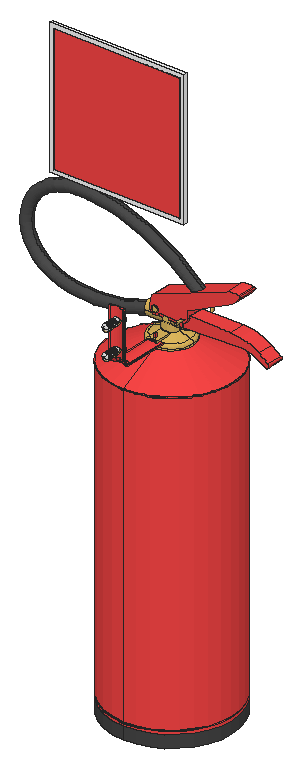
Revit family "Extintor Portátil - ABC", category Equipamento mecânico, Revit 2026
Family settings
  Cota do conector redondo = Utilizar diâmetro
  Classificação = Nenhum
  Tipo de parte = Normal
  Com base no plano de trabalho = Não
  Sempre na vertical = Sim
  Corte com vazios quando carregada = Não
  Manter orientação da anotação = Não
  Compartilhado = Sim
  Ponto de cálculo do ambiente = Não
Parameters (values of type "2A-20BC")
  Tipo de imagem = Extintor - ABC.png
  SÍMBOLO = yes
  Sinalização de Solo [instance] = no
  Sinalização de Emergência [instance] = yes
  Rede Social: = "@galvesbim"
  Pernambuco = no
  Na Planta Baixa [instance] = yes
  Mato Grosso = no
  IMAGEM SIMBOLO PERNAMBUCO = 0
  IMAGEM SIMBOLO MATO GROSSO = 0
  IMAGEM SIMBOLO DISTRITO FEDERAL = 0
  IMAGEM SIMBOLO DEMAIS ESTADOS = 0
  Família Criada por: = "Geraldo G Alves"
  Email p/ contato: = "galves@alvesg.com.br"
  Elevação padrão = 0.00 cm
  Distrito Federal = no
  Desloc. Frente (Sinalização) [instance] = 0.00 cm
  Desloc. Frente [instance] = 20.00 cm
  Desloc. Esquerda (Sinalização) [instance] = 0.00 cm
  Desloc. Esquerda [instance] = 0.00 cm
  Descrição = "Extintor Portátil Fixo na Parede - 3:A-40:BC"
  DESCRIÇÃO DO MATERIAL = Descrição  # "Extintor Portátil Fixo na Parede - 3:A-40:BC"
  Type Comments = ""
  Demais estados = yes
  Altura Instalada (Sinalização) = 180.00 cm
  Altura Instalada (Extintor) = 160.00 cm
Reference planes (cm)
  plane 1 "Centro (Frente/Trás)": y = 0
  plane 2: z = 0
  plane 3 "Centro (Esquerda/Direita)": x = 0
  plane 4: z = 160
  plane 5: z = 114.8285
  plane 6: z = 180
Forms (cm)
  Revolve 1, solid, material "LATÃO", not visible
    sketch origin (512.5, 9.4644, -108.8868) x (1, 0, 0) y (0, 0, -1)
      loop
        line (-515.352, -267.1402) -> (-515.352, -267.3086)
        arc (-515.352, -267.3086) -> (-515.2378, -267.604) -> (-514.9545, -267.7457) r 0.4391
        line (-514.9545, -267.7457) -> (-513.5976, -268.3784) -> (-513.5976, -270.9598) -> (-512.5, -270.9598) -> (-512.5, -267.1402) -> (-515.352, -267.1402)
      axis (-512.5, -270.9598) -> (-512.5, -267.1402)
    angle from 0 to 360
  Extrusion 2, solid, material "LATÃO", not visible
    sketch origin (0, -8.5356, -108.8868) x (0, 1, 0) y (0, 0, -1)
      loop
        circle (18, -269.8519) r 1
    from -2.2901 to 2.852
  Extrusion 3, solid, material "Pintura Vermelha", not visible
    sketch origin (512.5, 11.7385, -108.8868) x (1, 0, 0) y (0, 0, -1)
      loop
        line (-514.431, -270.7615) -> (-514.2399, -271.8201)
        arc (-514.2399, -271.8201) -> (-514.07, -272.1841) -> (-513.7426, -272.4168) r 0.7871
        line (-513.7426, -272.4168) -> (-504.0905, -276.0508)
        arc (-504.0905, -276.0508) -> (-503.3249, -276.2128) -> (-502.5558, -276.0688) r 2
        line (-502.5558, -276.0688) -> (-502.4623, -276.0312)
        arc (-502.4623, -276.0312) -> (-502.359, -275.9073) -> (-502.4054, -275.7529) r 0.1702
        line (-502.4054, -275.7529) -> (-502.8188, -275.3394)
        arc (-502.8188, -275.3394) -> (-503.3151, -274.918) -> (-503.8731, -274.5828) r 4
        line (-503.8731, -274.5828) -> (-509.346, -271.8744) -> (-509.346, -271.0161)
        arc (-509.346, -271.0161) -> (-509.5312, -270.5072) -> (-510.0002, -270.2364) r 0.7917
        line (-510.0002, -270.2364) -> (-510.5886, -270.1327) -> (-513.1244, -270.31)
        arc (-513.1244, -270.31) -> (-513.9703, -269.9786) -> (-514.431, -270.7615) r 0.7
      loop
        circle (-513.7416, -270.6402) r 0.3999
      loop
        circle (-510.1681, -270.511) r 0.174
    from -3.5171 to -1.0457
  Extrusion 4, solid, material "Pintura Vermelha", not visible
    sketch origin (512.5, 11.7385, -108.8868) x (1, 0, 0) y (0, 0, -1)
      loop
        line (-514.4685, -270.738) -> (-514.2111, -271.6263)
        arc (-514.2111, -271.6263) -> (-514.1084, -271.7833) -> (-513.931, -271.8441) r 0.289
        line (-513.931, -271.8441) -> (-509.9322, -271.8441)
        arc (-509.9322, -271.8441) -> (-509.5653, -271.7141) -> (-509.3622, -271.382) r 0.5825
        line (-509.3622, -271.382) -> (-509.3259, -271.2101) -> (-503.785, -271.2101)
        arc (-503.785, -271.2101) -> (-501.8304, -270.9093) -> (-500.0567, -270.0346) r 6.5
        line (-500.0567, -270.0346) -> (-498.8325, -269.1774)
        arc (-498.8325, -269.1774) -> (-498.7163, -268.9761) -> (-498.7958, -268.7576) r 0.275
        line (-498.7958, -268.7576) -> (-499.0612, -268.4922) -> (-500.8253, -269.5254)
        arc (-500.8253, -269.5254) -> (-501.7717, -269.8338) -> (-502.7644, -269.9058) r 4.1122
        line (-502.7644, -269.9058) -> (-510.4608, -269.5288) -> (-510.7626, -269.8306) -> (-513.8876, -269.8306)
        arc (-513.8876, -269.8306) -> (-514.3665, -270.1636) -> (-514.4685, -270.738) r 0.7603
      loop
        circle (-513.7416, -270.6402) r 0.3999
      loop
        circle (-510.1792, -270.5042) r 0.2205
    from -3.3101 to -1.2023
  Extrusion 5, solid, material "LATÃO", not visible, detail levels medium+fine
    sketch origin (512.5, 13.2385, -108.2618) x (1, 0, 0) y (0, 0, -1)
      loop
        circle (-512.5, -269.2509) r 1.5
    from -1.2576 to -0.9824
  Sweep 6, solid, material "MANGUEIRA EXTINTOR", not visible
    path origin (512.5, 9.4099, -108.8868) x (1, 0, 0) y (0, 0, -1)
      loop
        spline (-514.8263, -269.8635) -> (-519.9522, -268.4972) -> (-524.5272, -268.3983) -> (-528.2055, -269.3959) -> (-530.6532, -271.3101) -> (-531.7331, -273.8106) -> (-531.4716, -276.4419) -> (-529.9001, -278.7449) -> (-527.05, -280.2603) -> (-523.041, -280.6093) -> (-518.283, -279.6772) -> (-513.2454, -277.403) -> (-508.3975, -273.7263)
    profile origin (-18.9716, 9.4099, 167.5551) x (0.940178, 0, -0.340682) y (0, 1, 0)
      loop
        circle (0, 0) r 0.7064
  Extrusion 7, solid, material "LATÃO", not visible
    sketch origin (512.5, 11.7385, -1.7466) x (1, 0, 0) y (0, 0, -1)
      loop
        circle (-513.7416, -163.5) r 0.3999
    from -3.5547 to -1.0118
  Sweep 8, solid, material "LATÃO", not visible
    path origin (-10.6073, 13.9644, 176.5919) x (-0.653611, 0, 0.756831) y (0, 1, 0)
      loop
        line (-19.7675, -6.7287) -> (-19.7675, -3.2287)
        arc (-19.7675, -3.2287) -> (-19.8376, -3.0235) -> (-20.0186, -2.9042) r 0.3352
        arc (-20.0186, -2.9042) -> (-19.7105, -0.9379) -> (-19.6283, -2.9265) r 1
    profile origin (2.3129, 8.9857, 161.6312) x (0.653611, 0, -0.756831) y (-0.756831, 0, -0.653611)
      loop
        circle (0, 0) r 0.1386
  Extrusion 9, solid, material "LATÃO", not visible
    sketch origin (0, 3.4644, -0.5084) x (0, 1, 0) y (0, 0, 1)
      loop
        line (4.8999, 160) -> (2.7614, 160)
        arc (2.7614, 160) -> (2.6976, 159.9769) -> (2.6634, 159.9183) r 0.0996
        line (2.6634, 159.9183) -> (2.6634, 159.8172)
        arc (2.6634, 159.8172) -> (2.6946, 159.7514) -> (2.7624, 159.7247) r 0.0992
        line (2.7624, 159.7247) -> (4.3095, 159.7247) -> (4.8999, 160)
    from -0.6244 to 0.6912
  Extrusion 10, void, not visible
    sketch origin (0, 0.2973, -1.1737) x (1, 0, 0) y (0, 1, 0)
      loop
        circle (-0.0064, 6.4293) r 0.2336
    from 160.2 to 160.7791
  Revolve 11, solid, material "Pintura Vermelha"
    sketch origin (0, 0, 0) x (0, 1, 0) y (0, 0, 1)
      loop
        line (9.1671, 159.4271) -> (9.1671, 116.4981) -> (17.1671, 116.4981) -> (17.1671, 116.8285) -> (16.9679, 116.8285) -> (16.9679, 117.0285) -> (17.1671, 117.0285) -> (17.1671, 156.6535)
        arc (17.1671, 156.6535) -> (17.2243, 156.6689) -> (17.2659, 156.711) r 0.1136
        arc (17.2659, 156.711) -> (17.2691, 156.7524) -> (17.2392, 156.7812) r 0.0487
        line (17.2392, 156.7812) -> (12.0191, 159.4271) -> (9.1671, 159.4271)
      axis (9.1671, 159.4271) -> (9.1671, 116.4981)
    angle from 0 to 360
  Revolve 12, solid, material "Cor Preta"
    sketch origin (0, 0, 0) x (0, 1, 0) y (0, 0, 1)
      loop
        line (9.1671, 116.4981) -> (9.1671, 114.8285) -> (17.1671, 114.8285) -> (17.1671, 116.4981) -> (9.1671, 116.4981)
      axis (9.1671, 116.4981) -> (9.1671, 114.8285)
    angle from 0 to 360
  Revolve 13, solid, material "LATÃO"
    sketch origin (512.5, 9.1671, -107.7131) x (1, 0, 0) y (0, 0, -1)
      loop
        line (-515.352, -267.1402) -> (-515.352, -267.3086)
        arc (-515.352, -267.3086) -> (-515.2378, -267.604) -> (-514.9545, -267.7457) r 0.4391
        line (-514.9545, -267.7457) -> (-513.5976, -268.3784) -> (-513.5976, -270.9598) -> (-512.5, -270.9598) -> (-512.5, -267.1402) -> (-515.352, -267.1402)
      axis (-512.5, -270.9598) -> (-512.5, -267.1402)
    angle from 0 to 360
  Extrusion 14, solid, material "LATÃO"
    sketch origin (0, -8.8329, -107.7131) x (0, 1, 0) y (0, 0, -1)
      loop
        circle (18, -269.8519) r 1
    from -2.2901 to 2.852
  Extrusion 15, solid, material "Pintura Vermelha"
    sketch origin (512.5, 11.4412, -107.7131) x (1, 0, 0) y (0, 0, -1)
      loop
        line (-514.431, -270.7615) -> (-514.2399, -271.8201)
        arc (-514.2399, -271.8201) -> (-514.07, -272.1841) -> (-513.7426, -272.4168) r 0.7871
        line (-513.7426, -272.4168) -> (-504.0905, -276.0508)
        arc (-504.0905, -276.0508) -> (-503.3249, -276.2128) -> (-502.5558, -276.0688) r 2
        line (-502.5558, -276.0688) -> (-502.4623, -276.0312)
        arc (-502.4623, -276.0312) -> (-502.359, -275.9073) -> (-502.4054, -275.7529) r 0.1702
        line (-502.4054, -275.7529) -> (-502.8188, -275.3394)
        arc (-502.8188, -275.3394) -> (-503.3151, -274.918) -> (-503.8731, -274.5828) r 4
        line (-503.8731, -274.5828) -> (-509.346, -271.8744) -> (-509.346, -271.0161)
        arc (-509.346, -271.0161) -> (-509.5312, -270.5072) -> (-510.0002, -270.2364) r 0.7917
        line (-510.0002, -270.2364) -> (-510.5886, -270.1327) -> (-513.1244, -270.31)
        arc (-513.1244, -270.31) -> (-513.9703, -269.9786) -> (-514.431, -270.7615) r 0.7
      loop
        circle (-513.7416, -270.6402) r 0.3999
      loop
        circle (-510.1681, -270.511) r 0.174
    from -3.5171 to -1.0457
  Extrusion 16, solid, material "Pintura Vermelha"
    sketch origin (512.5, 11.4412, -107.7131) x (1, 0, 0) y (0, 0, -1)
      loop
        line (-514.4685, -270.738) -> (-514.2111, -271.6263)
        arc (-514.2111, -271.6263) -> (-514.1084, -271.7833) -> (-513.931, -271.8441) r 0.289
        line (-513.931, -271.8441) -> (-509.9322, -271.8441)
        arc (-509.9322, -271.8441) -> (-509.5653, -271.7141) -> (-509.3622, -271.382) r 0.5825
        line (-509.3622, -271.382) -> (-509.3259, -271.2101) -> (-503.785, -271.2101)
        arc (-503.785, -271.2101) -> (-501.8304, -270.9093) -> (-500.0567, -270.0346) r 6.5
        line (-500.0567, -270.0346) -> (-498.8325, -269.1774)
        arc (-498.8325, -269.1774) -> (-498.7163, -268.9761) -> (-498.7958, -268.7576) r 0.275
        line (-498.7958, -268.7576) -> (-499.0612, -268.4922) -> (-500.8253, -269.5254)
        arc (-500.8253, -269.5254) -> (-501.7717, -269.8338) -> (-502.7644, -269.9058) r 4.1122
        line (-502.7644, -269.9058) -> (-510.4608, -269.5288) -> (-510.7626, -269.8306) -> (-513.8876, -269.8306)
        arc (-513.8876, -269.8306) -> (-514.3665, -270.1636) -> (-514.4685, -270.738) r 0.7603
      loop
        circle (-513.7416, -270.6402) r 0.3999
      loop
        circle (-510.1792, -270.5042) r 0.2205
    from -3.3101 to -1.2023
  Extrusion 17, solid, material "LATÃO"
    sketch origin (512.5, 12.9412, -107.0881) x (1, 0, 0) y (0, 0, -1)
      loop
        circle (-512.5, -269.2509) r 1.5
    from -1.2576 to -0.9824
  Sweep 18, solid, material "MANGUEIRA EXTINTOR"
    path origin (512.5, 9.1126, -107.7131) x (1, 0, 0) y (0, 0, -1)
      loop
        spline (-514.8263, -269.8635) -> (-519.9522, -268.4972) -> (-524.5272, -268.3983) -> (-528.2055, -269.3959) -> (-530.6532, -271.3101) -> (-531.7331, -273.8106) -> (-531.4716, -276.4419) -> (-529.9001, -278.7449) -> (-527.05, -280.2603) -> (-523.041, -280.6093) -> (-518.283, -279.6772) -> (-513.2454, -277.403) -> (-508.3975, -273.7263)
    profile origin (-18.9716, 9.1126, 168.7288) x (0.940178, 0, -0.340682) y (0, 1, 0)
      loop
        circle (0, 0) r 0.7064
  Extrusion 19, solid, material "LATÃO"
    sketch origin (512.5, 11.4412, -0.5729) x (1, 0, 0) y (0, 0, -1)
      loop
        circle (-513.7416, -163.5) r 0.3999
    from -3.5547 to -1.0118
  Sweep 20, solid, material "LATÃO"
    path origin (-10.6073, 13.6671, 177.7656) x (-0.653611, 0, 0.756831) y (0, 1, 0)
      loop
        line (-19.7675, -6.7287) -> (-19.7675, -3.2287)
        arc (-19.7675, -3.2287) -> (-19.8376, -3.0235) -> (-20.0186, -2.9042) r 0.3352
        arc (-20.0186, -2.9042) -> (-19.7105, -0.9379) -> (-19.6283, -2.9265) r 1
    profile origin (2.3129, 8.6884, 162.8049) x (0.653611, 0, -0.756831) y (-0.756831, 0, -0.653611)
      loop
        circle (0, 0) r 0.1386
  Extrusion 21, solid, material "LATÃO"
    sketch origin (0, 3.1671, 0.6653) x (0, 1, 0) y (0, 0, 1)
      loop
        line (4.8999, 160) -> (2.7614, 160)
        arc (2.7614, 160) -> (2.6976, 159.9769) -> (2.6634, 159.9183) r 0.0996
        line (2.6634, 159.9183) -> (2.6634, 159.8172)
        arc (2.6634, 159.8172) -> (2.6946, 159.7514) -> (2.7624, 159.7247) r 0.0992
        line (2.7624, 159.7247) -> (4.3095, 159.7247) -> (4.8999, 160)
    from -0.6244 to 0.6912
  Extrusion 22, solid, material "Sinalização de Solo - Vermelho", visible <- "Sinalização de Solo", detail levels fine
    sketch origin (0, 0, 0) x (1, 0, 0) y (0, 1, 0)
      loop
        line (-35, 15) -> (35, 15) -> (35, 85) -> (-35, 85) -> (-35, 15)
    from 0 to 0.1
  Extrusion 23, solid, material "Sinalização de Solo - Amarela", visible <- "Sinalização de Solo", detail levels fine
    sketch origin (0, 0, 0) x (1, 0, 0) y (0, 1, 0)
      loop
        line (-50, 0) -> (50, 0) -> (50, 100) -> (-50, 100) -> (-50, 0)
      loop
        line (-35, 15) -> (35, 15) -> (35, 85) -> (-35, 85) -> (-35, 15)
    from 0 to 0.1
Dimensions and locks (cm)
  "Altura Instalada (Extintor)": plane 4 to level
  locked: plane 5 to plane 4 at 45.1715
  "Desloc. Frente": plane 1 "Centro (Frente/Trás)" to nested 4
  "Desloc. Frente": plane 1 "Centro (Frente/Trás)" to nested 5
  "Desloc. Esquerda": nested 4 to plane 3 "Centro (Esquerda/Direita)"
  "Desloc. Esquerda": nested 5 to plane 3 "Centro (Esquerda/Direita)"
  "Desloc. Frente": plane 1 "Centro (Frente/Trás)" to nested 6
  "Desloc. Esquerda": nested 6 to plane 3 "Centro (Esquerda/Direita)"
  "Desloc. Frente": plane 1 "Centro (Frente/Trás)" to nested 7
  "Desloc. Esquerda": nested 7 to plane 3 "Centro (Esquerda/Direita)"
  Extrusion 23 to plane 6 = 179.90 cm
  "Altura Instalada (Sinalização)": plane 6 to level
  aligned and locked: level to plane 2
Automatic sketch dimensions
  Revolve 11 sketch curve to plane 4 = 0.5729 cm
  Revolve 11 sketch curve to plane 1 "Centro (Frente/Trás)" = 9.1671 cm
  Revolve 11 sketch curve to Revolve 11 sketch curve = 2.852 cm
  plane 5 to Revolve 11 sketch curve = 2.20 cm
  Revolve 11 sketch curve to Revolve 11 sketch curve = 7.8008 cm
  Revolve 11 sketch curve to Revolve 11 sketch curve = 0.1992 cm  (x2)
  Revolve 11 sketch curve to Revolve 11 sketch curve = 0.0564 cm
  Revolve 11 sketch curve to plane 4 = 3.2188 cm
  Revolve 11 sketch curve to Revolve 11 sketch curve = 0.0157 cm
  Revolve 11 sketch curve to Revolve 11 sketch curve = 0.20 cm
  plane 5 to Revolve 11 sketch curve = 1.6697 cm
  Revolve 11 sketch curve to Revolve 11 sketch curve = 0.1277 cm
  Revolve 11 sketch curve to Revolve 11 sketch curve = 0.0461 cm
  Revolve 11 sketch curve to Revolve 11 sketch curve = 0.032 cm
  Revolve 11 sketch curve to Revolve 11 sketch curve = 0.00 cm  (x2)
  Revolve 11 sketch curve to Revolve 11 sketch curve = 0.3303 cm
  Revolve 12 sketch curve to plane 5 = 0.00 cm  (x2)
  plane 5 to Revolve 12 sketch curve = 1.6697 cm
  Revolve 12 sketch curve to plane 1 "Centro (Frente/Trás)" = 9.1671 cm
  Revolve 12 sketch curve to Revolve 12 sketch curve = 8.00 cm
  Revolve 12 sketch curve to Revolve 12 sketch curve = 0.00 cm
  Revolve 12 sketch curve to Revolve 12 sketch curve = 0.3303 cm
  Revolve 13 sketch curve to plane 3 "Centro (Esquerda/Direita)" = 0.00 cm  (x2)
  Revolve 13 sketch curve to Revolve 13 sketch curve = 1.0976 cm
  Revolve 13 sketch curve to plane 4 = 0.4045 cm
  Revolve 13 sketch curve to Revolve 13 sketch curve = 1.3153 cm
  plane 4 to Revolve 13 sketch curve = 0.0326 cm
  Revolve 13 sketch curve to Revolve 13 sketch curve = 0.0416 cm
  plane 4 to Revolve 13 sketch curve = 0.6653 cm
  Revolve 13 sketch curve to Revolve 13 sketch curve = 2.5813 cm
  Revolve 13 sketch curve to plane 4 = 0.5729 cm
  Revolve 13 sketch curve to Revolve 13 sketch curve = 0.2882 cm
  Revolve 13 sketch curve to Revolve 13 sketch curve = 0.9686 cm
  plane 4 to Extrusion 14 sketch curve = 2.1388 cm
  Extrusion 14 sketch curve to plane 1 "Centro (Frente/Trás)" = 9.1671 cm
  Extrusion 15 sketch curve to Extrusion 15 sketch curve = 0.00 cm  (x2)
  Extrusion 15 sketch curve to plane 3 "Centro (Esquerda/Direita)" = 1.931 cm
  Extrusion 15 sketch curve to Extrusion 15 sketch curve = 0.1912 cm
  Extrusion 15 sketch curve to Extrusion 15 sketch curve = 0.4972 cm
  Extrusion 15 sketch curve to Extrusion 15 sketch curve = 0.6894 cm
  Extrusion 15 sketch curve to Extrusion 15 sketch curve = 0.7746 cm
  Extrusion 15 sketch curve to plane 3 "Centro (Esquerda/Direita)" = 0.6244 cm
  plane 3 "Centro (Esquerda/Direita)" to Extrusion 15 sketch curve = 1.9114 cm
  Extrusion 15 sketch curve to Extrusion 15 sketch curve = 0.4204 cm
  Extrusion 15 sketch curve to Extrusion 15 sketch curve = 0.0305 cm
  Extrusion 15 sketch curve to Extrusion 15 sketch curve = 0.1679 cm
  Extrusion 15 sketch curve to Extrusion 15 sketch curve = 0.7917 cm
  plane 3 "Centro (Esquerda/Direita)" to Extrusion 15 sketch curve = 6.8527 cm
  Extrusion 15 sketch curve to Extrusion 15 sketch curve = 1.5568 cm
  Extrusion 15 sketch curve to Extrusion 15 sketch curve = 0.2174 cm
  Extrusion 15 sketch curve to Extrusion 15 sketch curve = 0.5716 cm
  Extrusion 15 sketch curve to Extrusion 15 sketch curve = 0.4827 cm
  Extrusion 15 sketch curve to Extrusion 15 sketch curve = 0.2631 cm
  Extrusion 15 sketch curve to Extrusion 15 sketch curve = 0.0301 cm
  Extrusion 15 sketch curve to Extrusion 15 sketch curve = 0.0935 cm
  Extrusion 15 sketch curve to Extrusion 15 sketch curve = 0.1204 cm
  plane 4 to Extrusion 15 sketch curve = 10.4547 cm
  Extrusion 15 sketch curve to Extrusion 15 sketch curve = 2.0991 cm
  Extrusion 15 sketch curve to Extrusion 15 sketch curve = 0.018 cm
  Extrusion 15 sketch curve to Extrusion 15 sketch curve = 0.0376 cm
  Extrusion 15 sketch curve to Extrusion 15 sketch curve = 0.1579 cm
  Extrusion 15 sketch curve to Extrusion 15 sketch curve = 0.4135 cm
  plane 4 to Extrusion 15 sketch curve = 4.7037 cm
  plane 4 to Extrusion 15 sketch curve = 4.1613 cm
  Extrusion 15 sketch curve to Extrusion 15 sketch curve = 0.5967 cm
  Extrusion 15 sketch curve to Extrusion 15 sketch curve = 0.8584 cm
  Extrusion 15 sketch curve to Extrusion 15 sketch curve = 1.0586 cm
  Extrusion 15 sketch curve to Extrusion 15 sketch curve = 0.1213 cm
  Extrusion 15 sketch curve to Extrusion 15 sketch curve = 0.2746 cm
  Extrusion 15 sketch curve to Extrusion 15 sketch curve = 0.3783 cm
  Extrusion 16 sketch curve to plane 3 "Centro (Esquerda/Direita)" = 1.9685 cm
  Extrusion 16 sketch curve to Extrusion 16 sketch curve = 0.2574 cm
  Extrusion 16 sketch curve to Extrusion 16 sketch curve = 0.2801 cm
  Extrusion 16 sketch curve to Extrusion 16 sketch curve = 0.5809 cm
  Extrusion 16 sketch curve to Extrusion 16 sketch curve = 0.7269 cm
  Extrusion 16 sketch curve to Extrusion 16 sketch curve = 0.0154 cm
  plane 3 "Centro (Esquerda/Direita)" to Extrusion 16 sketch curve = 1.7374 cm
  Extrusion 16 sketch curve to Extrusion 16 sketch curve = 0.3018 cm  (x2)
  Extrusion 16 sketch curve to Extrusion 16 sketch curve = 0.5834 cm
  Extrusion 16 sketch curve to Extrusion 16 sketch curve = 0.2471 cm
  Extrusion 16 sketch curve to Extrusion 16 sketch curve = 0.57 cm
  Extrusion 16 sketch curve to Extrusion 16 sketch curve = 0.0363 cm
  Extrusion 16 sketch curve to plane 4 = 3.003 cm
  Extrusion 16 sketch curve to Extrusion 16 sketch curve = 6.6758 cm
  plane 4 to Extrusion 16 sketch curve = 2.1927 cm
  Extrusion 16 sketch curve to Extrusion 16 sketch curve = 1.0206 cm
  Extrusion 16 sketch curve to Extrusion 16 sketch curve = 1.2217 cm
  plane 4 to Extrusion 16 sketch curve = 1.8123 cm
  Extrusion 16 sketch curve to Extrusion 16 sketch curve = 1.9391 cm
  plane 4 to Extrusion 16 sketch curve = 2.3215 cm
  Extrusion 16 sketch curve to Extrusion 16 sketch curve = 0.7686 cm
  plane 4 to Extrusion 16 sketch curve = 0.7791 cm
  Extrusion 16 sketch curve to Extrusion 16 sketch curve = 0.9955 cm
  Extrusion 16 sketch curve to Extrusion 16 sketch curve = 0.0709 cm
  plane 4 to Extrusion 16 sketch curve = 1.4643 cm
  Extrusion 16 sketch curve to Extrusion 16 sketch curve = 0.1578 cm
  plane 4 to Extrusion 16 sketch curve = 1.0445 cm
  Extrusion 16 sketch curve to Extrusion 16 sketch curve = 0.1945 cm
  Extrusion 16 sketch curve to Extrusion 16 sketch curve = 0.0515 cm
  Extrusion 16 sketch curve to Extrusion 16 sketch curve = 0.1719 cm
  Extrusion 16 sketch curve to Extrusion 16 sketch curve = 0.289 cm
  Extrusion 16 sketch curve to Extrusion 16 sketch curve = 0.8883 cm
  Extrusion 16 sketch curve to Extrusion 16 sketch curve = 0.0978 cm
  Extrusion 16 sketch curve to Extrusion 16 sketch curve = 0.0666 cm
  Extrusion 16 sketch curve to Extrusion 16 sketch curve = 0.7574 cm
  Extrusion 17 sketch curve to plane 3 "Centro (Esquerda/Direita)" = 0.00 cm
  plane 4 to Extrusion 17 sketch curve = 2.1628 cm
  Sweep 18 sketch curve to plane 3 "Centro (Esquerda/Direita)" = 2.3263 cm
  plane 4 to Sweep 18 sketch curve = 6.0132 cm
  plane 3 "Centro (Esquerda/Direita)" to Sweep 18 sketch curve = 4.1025 cm
  plane 4 to Sweep 18 sketch curve = 2.1504 cm
  Sweep 18 sketch curve to profile plane = 0.00 cm  (x2)
  Extrusion 19 sketch curve to plane 3 "Centro (Esquerda/Direita)" = 1.2416 cm
  plane 4 to Extrusion 19 sketch curve = 2.9271 cm
  Sweep 20 sketch curve to plane 1 "Centro (Frente/Trás)" = 10.4384 cm
  Sweep 20 sketch curve to Sweep 20 sketch curve = 0.3352 cm  (x2)
  Sweep 20 sketch curve to Sweep 20 sketch curve = 1.2925 cm
  Sweep 20 sketch curve to Sweep 20 sketch curve = 0.00 cm
  Sweep 20 sketch curve to Sweep 20 sketch curve = 0.1392 cm
  Sweep 20 sketch curve to Sweep 20 sketch curve = 3.50 cm
  profile plane to Sweep 20 sketch curve = 0.00 cm  (x2)
  plane 4 to Extrusion 21 sketch curve = 0.5836 cm
  Extrusion 21 sketch curve to plane 1 "Centro (Frente/Trás)" = 5.8305 cm
  Extrusion 21 sketch curve to Extrusion 21 sketch curve = 0.098 cm
  Extrusion 21 sketch curve to Extrusion 21 sketch curve = 0.099 cm
  plane 4 to Extrusion 21 sketch curve = 0.39 cm
  Extrusion 21 sketch curve to Extrusion 21 sketch curve = 1.5471 cm
  plane 4 to Extrusion 21 sketch curve = 0.6653 cm
  Extrusion 21 sketch curve to Extrusion 21 sketch curve = 0.5904 cm
  Extrusion 21 sketch curve to Extrusion 21 sketch curve = 0.101 cm
  Extrusion 22 sketch curve to plane 3 "Centro (Esquerda/Direita)" = 35.00 cm
  plane 3 "Centro (Esquerda/Direita)" to Extrusion 22 sketch curve = 35.00 cm
  Extrusion 22 sketch curve to plane 1 "Centro (Frente/Trás)" = 15.00 cm
  Extrusion 22 sketch curve to Extrusion 22 sketch curve = 70.00 cm
  plane 1 "Centro (Frente/Trás)" to Extrusion 23 sketch curve = 0.00 cm
  Extrusion 23 sketch curve to plane 3 "Centro (Esquerda/Direita)" = 50.00 cm
  Extrusion 23 sketch curve to Extrusion 23 sketch curve = 15.00 cm  (x3)
  Extrusion 23 sketch curve to plane 1 "Centro (Frente/Trás)" = 15.00 cm
  plane 3 "Centro (Esquerda/Direita)" to Extrusion 23 sketch curve = 35.00 cm
  Extrusion 23 sketch curve to Extrusion 23 sketch curve = 70.00 cm
  radius of Extrusion 14 sketch curve = 1.00 cm
  radius of Extrusion 15 sketch curve = 0.3999 cm
  radius of Extrusion 15 sketch curve = 0.174 cm
  radius of Extrusion 16 sketch curve = 0.3999 cm
  radius of Extrusion 16 sketch curve = 0.2205 cm
  radius of Extrusion 17 sketch curve = 1.50 cm
  radius of Sweep 18 sketch curve = 0.7064 cm
  radius of Extrusion 19 sketch curve = 0.3999 cm
  radius of Sweep 20 sketch curve = 0.1386 cm
Nested families (cm)
  nested 1: "Suporte Universal de Extintor" at (0, 0, 160) x (0, -1, 0) z (0, 0, 1), type "Suporte Universal de Extintor", detail levels fine
  nested 2: "Parafuso Nº 08 com Bucha 08" at (-0.0069, 0.3919, 161.8745) x (1, 0.004, 0) z (-0.004, 1, 0), type "Parafuso Nº 08 - Bucha Nº 08"
  nested 3: "Parafuso Nº 08 com Bucha 08" at (-0.0002, 0.3922, 165.3708) x (1, 0.0002, 0) z (-0.0002, 1, 0), type "Parafuso Nº 08 - Bucha Nº 08"
  nested 4: "CARGA DE PÓ ABC" at (0, 20, 0) x (-1, 0, 0) z (0, 0, 1), visible <- "Demais estados", type "CARGA DE PÓ ABC 1-100", detail levels coarse+medium
    with Esc. Símbolo - 1/100~200 no, Desloc. Frente 0.00 cm
  nested 5: "EXTINTOR - CARGA DE PÓ ABC 1-100 - DF" at (0, 20, 0), visible <- "Distrito Federal", type "EXTINTOR - CARGA DE PÓ ABC 1-100 - DF", detail levels coarse+medium
    with Esc. Símbolo - 1/100~200 yes, Desloc. Frente 0.00 cm
  nested 6: "EXINTOR - CARGA DE PÓ ABC 1-100 - PE" at (0, 20, 0), visible <- "Pernambuco", type "EXINTOR - CARGA DE PÓ ABC 1-100 - PE", detail levels coarse+medium
    with Esc. Símbolo - 1/100~200 yes, Desloc. Frente 0.00 cm
  nested 7: "CARGA DE PÓ ABC" at (0, 20, 0) x (-1, 0, 0) z (0, 0, 1), visible <- "Mato Grosso", type "CARGA DE PÓ ABC 1-100", detail levels coarse+medium
    with Esc. Símbolo - 1/100~200 no, Desloc. Frente 0.00 cm
  nested 8: "Placa de Sinalização - E5 - 8m" at (0, 0, 0), visible <- "Sinalização de Emergência", Desloc. Esquerda <- "Desloc. Esquerda (Sinalização)", Desloc. Frente <- "Desloc. Frente (Sinalização)", Na Planta Baixa <- "Na Planta Baixa", type "Placa E5 - 8 Metros"
    with Na Planta Baixa yes, Desloc. Frente 0.00 cm, Desloc. Esquerda 0.00 cm
Definition of nested family "Suporte Universal de Extintor"
  Parameters (values of type "Suporte Universal de Extintor")
    Default Elevation = 121.92 cm
    Description = "Suporte Universal"
  Reference planes (cm)
    plane 1 "Centro (Frente/Trás)": y = 0
    plane 2: z = 0
    plane 3 "Centro (Esquerda/Direita)": x = 0
  Forms (cm)
    Sweep 1, solid, detail levels fine
      path origin (0, -0.0046, 0) x (-1, 0, 0) y (0, 0, -1)
        loop
          line (6.5, 0) -> (0.9978, 0)
          arc (0.9978, 0) -> (0.2923, -0.2923) -> (0, -0.9978) r 0.9978
          line (0, -0.9978) -> (0, -7)
      profile origin (-3.7489, -0.0046, 0) x (0, 0, 1) y (0, -1, 0)
        loop
          line (0, 0.9938) -> (0, 0.798)
          arc (0, 0.798) -> (0.2, -0.0031) -> (0, -0.8041) r 1.7043
          line (0, -0.8041) -> (0, -1) -> (0.0993, -1)
          arc (0.0993, -1) -> (0.1705, -0.9705) -> (0.2, -0.8993) r 0.1007
          line (0.2, -0.8993) -> (0.2, -0.7983)
          arc (0.2, -0.7983) -> (0.3905, -0.0047) -> (0.2, 0.789) r 1.7487
          line (0.2, 0.789) -> (0.2, 0.8899)
          arc (0.2, 0.8899) -> (0.1696, 0.9634) -> (0.0961, 0.9938) r 0.1039
          line (0.0961, 0.9938) -> (0, 0.9938)
    Extrusion 2, void
      sketch origin (0, -0.0015, 0.0031) x (0, 1, 0) y (0, 0, -1)
        loop
          circle (0, -5.3731) r 0.3
        loop
          circle (0, -1.8731) r 0.3
      from 0.0451 to 0.4141
    Extrusion 3, void
      sketch origin (0, -0.0015, 0.0031) x (-1, 0, 0) y (0, -1, 0)
        loop
          circle (1.8404, 0) r 0.3
        loop
          circle (4.8404, 0) r 0.3
      from 0.0525 to 0.4326
    Sweep 4, solid, detail levels fine
      path origin (0, -0.0015, 0.0031) x (-1, 0, 0) y (0, -1, 0)
        loop
          line (0, -0.2529) -> (0, 0.2471)
      profile origin (0, 0.0015, 0.0031) x (1, 0, 0) y (0, 0, 1)
        loop
          arc (-0.9978, 0.109) -> (-0.4067, 0.3993) -> (-0.1252, 0.9947) r 0.9978
          line (-0.1252, 0.9947) -> (-0.4658, 0.9947)
          arc (-0.4658, 0.9947) -> (-0.842, 0.8389) -> (-0.9978, 0.4627) r 0.532
          line (-0.9978, 0.4627) -> (-0.9978, 0.109)
    Sweep 5, solid, detail levels fine
      path in 3D
        loop
          arc (-6.5, -0.0989, 0.3877) -> (-6.5, -0.0003, 0.3905) -> (-6.5, 0.0984, 0.3877) r 1.7487
      profile origin (-6.5, -0.0003, 0.3905) x (-1, 0, 0) y (0, -0.000219, 1)
        loop
          line (0, 0) -> (0, 0.6637)
          arc (0, 0.6637) -> (-0.0242, 0.7221) -> (-0.0827, 0.7463) r 0.0827
          line (-0.0827, 0.7463) -> (-0.1624, 0.7463) -> (-0.1624, 0) -> (0, 0)
  Cuts and joins
    Extrusion 2 cuts Sweep 1
  Lines and regions (cm)
    sketch lines
      curve 1: arc (-6.5, -0.0989, 0.3877) -> (-6.5, -0.0003, 0.3905) -> (-6.5, 0.0984, 0.3877) r 1.7487
  Dimensions and locks (cm)
    aligned and locked: level to plane 2
  Nested families (cm)
    nested 1: "Parafuso Nº 08 com Bucha 08" at (-0.3919, -0.0069, 1.8745) x (-0.004, 1, 0) z (-1, -0.004, 0), type "Parafuso Nº 08 - Bucha Nº 08", detail levels fine
    nested 2: "Parafuso Nº 08 com Bucha 08" at (-0.3922, -0.0002, 5.3708) x (-0.0002, 1, 0) z (-1, -0.0002, 0), type "Parafuso Nº 08 - Bucha Nº 08", detail levels fine
  Definition of nested family "Parafuso Nº 08 com Bucha 08"
    Parameters (values of type "Parafuso Nº 08 - Bucha Nº 08")
      Rede Social: = "@GAlves"
      Família Criada por: = "Geraldo G. Alves"
      Email p/ contato: = "geraldoalvesbim@gmail.com"
      Default Elevation = 0.00 cm
    Reference planes (cm)
      plane 1 "Centro (Frente/Trás)": y = 0
      plane 2: z = 0
      plane 3 "Centro (Esquerda/Direita)": x = 0
    Forms (cm)
      Revolve 1, solid, detail levels fine
        sketch origin (0, 0, 0) x (1, 0, 0) y (0, 0, 1)
          loop
            line (0, 0.3324) -> (0, -2.1985) -> (0.2983, -1.9001) -> (0.2983, -0.0012) -> (0.6054, -0.0012) -> (0.6054, 0.3324) -> (0, 0.3324)
          axis (0, 0.3324) -> (0, -2.1985)
        angle from 0 to 360
      Extrusion 2, void
        sketch origin (0, 0, 0) x (1, 0, 0) y (0, 1, 0)
          loop
            line (-0.6795, -0.0613) -> (0.7114, -0.0613)
            arc (0.7114, -0.0613) -> (0.7205, -0.0003) -> (0.72, 0.0613) r 0.4
            line (0.72, 0.0613) -> (-0.6819, 0.0613)
            arc (-0.6819, 0.0613) -> (-0.6854, -0.0001) -> (-0.6795, -0.0613) r 0.4
        from 0.0805 to 0.4173
      Revolve 3, solid, not visible
        sketch origin (0, 0, 0) x (1, 0, 0) y (0, 0, 1)
          loop
            line (0, 0.3324) -> (0, -1.2474) -> (0.202, -1.2474) -> (0.202, -0.0012) -> (0.4, -0.0012) -> (0.4, 0.3324) -> (0, 0.3324)
          axis (0, 0.3324) -> (0, -1.2474)
        angle from 0 to 360
      Extrusion 4, void, not visible
        sketch origin (0, 0, 0) x (1, 0, 0) y (0, 1, 0)
          loop
            line (-0.3953, -0.0613) -> (0.3953, -0.0613)
            arc (0.3953, -0.0613) -> (0.4, 0) -> (0.3953, 0.0613) r 0.4
            line (0.3953, 0.0613) -> (-0.3953, 0.0613)
            arc (-0.3953, 0.0613) -> (-0.4, 0) -> (-0.3953, -0.0613) r 0.4
        from 0.0805 to 0.4173
      Revolve 5, solid, detail levels fine
        sketch origin (0, 0, 0) x (1, 0, 0) y (0, 0, 1)
          loop
            line (0.2983, -0.4335) -> (0.2983, -2.2322) -> (0, -2.5012) -> (0.1701, -2.5012) -> (0.4477, -2.2509) -> (0.4477, -2.154) -> (0.3622, -2.154) -> (0.3622, -2.0652)
            arc (0.3622, -2.0652) -> (0.395, -1.9998) -> (0.4477, -1.949) r 0.2161
            line (0.4477, -1.949) -> (0.4477, -1.8673) -> (0.3622, -1.8673) -> (0.3622, -1.7785)
            arc (0.3622, -1.7785) -> (0.395, -1.7131) -> (0.4477, -1.6623) r 0.2161
            line (0.4477, -1.6623) -> (0.4477, -1.5807) -> (0.3622, -1.5807) -> (0.3622, -1.4918)
            arc (0.3622, -1.4918) -> (0.395, -1.4264) -> (0.4477, -1.3757) r 0.2161
            line (0.4477, -1.3757) -> (0.4477, -1.294) -> (0.3622, -1.294) -> (0.3622, -1.2051)
            arc (0.3622, -1.2051) -> (0.395, -1.1397) -> (0.4477, -1.089) r 0.2161
            line (0.4477, -1.089) -> (0.4477, -1.0073) -> (0.3622, -1.0073) -> (0.3622, -0.9184)
            arc (0.3622, -0.9184) -> (0.395, -0.853) -> (0.4477, -0.8023) r 0.2161
            line (0.4477, -0.8023) -> (0.4477, -0.4335) -> (0.2983, -0.4335)
          axis (0, -0.4335) -> (0, -2.5012)
        angle from 0 to 360
    Cuts and joins
      Extrusion 2 cuts Revolve 1
    Dimensions and locks (cm)
      Revolve 1 sketch curve to Revolve 1 sketch curve = 0.6054 cm
      aligned and locked: level to plane 2
Definition of nested family "Parafuso Nº 08 com Bucha 08"
  Parameters (values of type "Parafuso Nº 08 - Bucha Nº 08")
    Rede Social: = "@GAlves"
    Família Criada por: = "Geraldo G. Alves"
    Email p/ contato: = "geraldoalvesbim@gmail.com"
    Default Elevation = 0.00 cm
  Reference planes (cm)
    plane 1 "Centro (Frente/Trás)": y = 0
    plane 2: z = 0
    plane 3 "Centro (Esquerda/Direita)": x = 0
  Forms (cm)
    Revolve 1, solid, detail levels fine
      sketch origin (0, 0, 0) x (1, 0, 0) y (0, 0, 1)
        loop
          line (0, 0.3324) -> (0, -2.1985) -> (0.2983, -1.9001) -> (0.2983, -0.0012) -> (0.6054, -0.0012) -> (0.6054, 0.3324) -> (0, 0.3324)
        axis (0, 0.3324) -> (0, -2.1985)
      angle from 0 to 360
    Extrusion 2, void
      sketch origin (0, 0, 0) x (1, 0, 0) y (0, 1, 0)
        loop
          line (-0.6795, -0.0613) -> (0.7114, -0.0613)
          arc (0.7114, -0.0613) -> (0.7205, -0.0003) -> (0.72, 0.0613) r 0.4
          line (0.72, 0.0613) -> (-0.6819, 0.0613)
          arc (-0.6819, 0.0613) -> (-0.6854, -0.0001) -> (-0.6795, -0.0613) r 0.4
      from 0.0805 to 0.4173
    Revolve 3, solid, not visible
      sketch origin (0, 0, 0) x (1, 0, 0) y (0, 0, 1)
        loop
          line (0, 0.3324) -> (0, -1.2474) -> (0.202, -1.2474) -> (0.202, -0.0012) -> (0.4, -0.0012) -> (0.4, 0.3324) -> (0, 0.3324)
        axis (0, 0.3324) -> (0, -1.2474)
      angle from 0 to 360
    Extrusion 4, void, not visible
      sketch origin (0, 0, 0) x (1, 0, 0) y (0, 1, 0)
        loop
          line (-0.3953, -0.0613) -> (0.3953, -0.0613)
          arc (0.3953, -0.0613) -> (0.4, 0) -> (0.3953, 0.0613) r 0.4
          line (0.3953, 0.0613) -> (-0.3953, 0.0613)
          arc (-0.3953, 0.0613) -> (-0.4, 0) -> (-0.3953, -0.0613) r 0.4
      from 0.0805 to 0.4173
    Revolve 5, solid, detail levels fine
      sketch origin (0, 0, 0) x (1, 0, 0) y (0, 0, 1)
        loop
          line (0.2983, -0.4335) -> (0.2983, -2.2322) -> (0, -2.5012) -> (0.1701, -2.5012) -> (0.4477, -2.2509) -> (0.4477, -2.154) -> (0.3622, -2.154) -> (0.3622, -2.0652)
          arc (0.3622, -2.0652) -> (0.395, -1.9998) -> (0.4477, -1.949) r 0.2161
          line (0.4477, -1.949) -> (0.4477, -1.8673) -> (0.3622, -1.8673) -> (0.3622, -1.7785)
          arc (0.3622, -1.7785) -> (0.395, -1.7131) -> (0.4477, -1.6623) r 0.2161
          line (0.4477, -1.6623) -> (0.4477, -1.5807) -> (0.3622, -1.5807) -> (0.3622, -1.4918)
          arc (0.3622, -1.4918) -> (0.395, -1.4264) -> (0.4477, -1.3757) r 0.2161
          line (0.4477, -1.3757) -> (0.4477, -1.294) -> (0.3622, -1.294) -> (0.3622, -1.2051)
          arc (0.3622, -1.2051) -> (0.395, -1.1397) -> (0.4477, -1.089) r 0.2161
          line (0.4477, -1.089) -> (0.4477, -1.0073) -> (0.3622, -1.0073) -> (0.3622, -0.9184)
          arc (0.3622, -0.9184) -> (0.395, -0.853) -> (0.4477, -0.8023) r 0.2161
          line (0.4477, -0.8023) -> (0.4477, -0.4335) -> (0.2983, -0.4335)
        axis (0, -0.4335) -> (0, -2.5012)
      angle from 0 to 360
  Cuts and joins
    Extrusion 2 cuts Revolve 1
  Dimensions and locks (cm)
    Revolve 1 sketch curve to Revolve 1 sketch curve = 0.6054 cm
    aligned and locked: level to plane 2
Definition of nested family "Placa de Sinalização - E5 - 8m"
  Parameters (values of type "Placa E5 - 8 Metros")
    URL = "www.alvesg.com.br"
    Type Image = element 10451205
    Na Planta Baixa [instance] = yes
    Model = "EXTINTOR DE INCÊNDIO"
    Manufacturer = "Símbolo: quadrado\r\nFundo: vermelha\r\nPictograma:\r\nfotoluminescente"
    Desloc. Frente [instance] = 0.00 cm
    Desloc. Esquerda [instance] = 0.00 cm
    Default Elevation = 0.00 cm
    Código da Placa = "E5"
    Description = "INDICAÇÃO DE LOCALIZAÇÃO DOS EXTINTORES DE INCÊNDIO"
    Type Comments = "180 / 180"
  Reference planes (cm)
    plane 1 "Centro (Frente/Trás)": y = 0
    plane 2: z = 0
    plane 3 "Centro (Esquerda/Direita)": x = 0
    plane 4: x = -8.925
    plane 5: x = 8.925
    plane 6: z = 180
    plane 7: z = 197.9
  Forms (cm)
    Extrusion 1, solid
      sketch origin (0, 0, 0) x (1, 0, 0) y (0, 0, 1)
        loop
          line (-8.425, 197.4) -> (-8.425, 180.5) -> (8.425, 180.5) -> (8.425, 197.4) -> (-8.425, 197.4)
      from 0 to -0.5255
    Extrusion 2, solid
      sketch origin (-4.1148, 0.85, 0.315) x (-1, 0, 0) y (0, 0, 1)
        loop
          line (-4.1316, 181.4573) -> (-1.4104, 181.4573) -> (-1.4104, 191.115)
          arc (-1.4104, 191.115) -> (-1.9591, 192.4396) -> (-3.2837, 192.9883) r 1.8733
          line (-3.2837, 192.9883) -> (-3.2837, 194.3624) -> (-2.4778, 194.3624)
          arc (-2.4778, 194.3624) -> (-2.0187, 194.9246) -> (-2.4778, 195.4867) r 0.5737
          line (-2.4778, 195.4867) -> (-3.6144, 195.4867) -> (-3.6144, 195.9303) -> (-4.7325, 195.9303) -> (-4.7325, 195.4867) -> (-5.7878, 195.4867) -> (-8.0611, 193.923) -> (-8.3109, 192.5677) -> (-7.8842, 192.5677) -> (-7.7501, 193.1984) -> (-5.6876, 194.3624) -> (-4.9625, 194.3624) -> (-4.9625, 192.988)
          arc (-4.9625, 192.988) -> (-6.2685, 192.4192) -> (-6.8058, 191.0998) r 1.8888
          line (-6.8058, 191.0998) -> (-6.8058, 181.4573) -> (-4.1316, 181.4573)
      from -0.3 to -0.55
    Sweep 3, solid
      path in 3D
        loop
          line (8.425, 0.5255, 197.4) -> (8.425, 0.5255, 180.5) -> (-8.425, 0.5255, 180.5) -> (-8.425, 0.5255, 197.4) -> (8.425, 0.5255, 197.4)
      profile origin (0, 0.5255, 197.4) x (0, 1, 0) y (0, 0, 1)
        loop
          line (-0.5255, 0) -> (0, 0) -> (0, 0.5) -> (-0.5255, 0.5) -> (-0.5255, 0)
  Lines and regions (cm)
    sketch lines
      curve 1: line (-8.425, 0.5255, 197.4) -> (8.425, 0.5255, 197.4)
      curve 2: line (-8.425, 0.5255, 180.5) -> (-8.425, 0.5255, 197.4)
      curve 3: line (8.425, 0.5255, 180.5) -> (-8.425, 0.5255, 180.5)
      curve 4: line (8.425, 0.5255, 197.4) -> (8.425, 0.5255, 180.5)
  Dimensions and locks (cm)
    equal spacing: plane 4, plane 3 "Centro (Esquerda/Direita)", plane 5
    plane 4 to plane 5 = 17.85 cm
    locked: plane 6 to level at 180
    plane 7 to plane 6 = 17.90 cm
    "Desloc. Esquerda": nested 1 to plane 3 "Centro (Esquerda/Direita)"
    "Desloc. Frente": plane 1 "Centro (Frente/Trás)" to nested 1
    aligned and locked: level to plane 2
  Automatic sketch dimensions
    Extrusion 1 sketch curve to plane 4 = 0.50 cm
    plane 6 to Extrusion 1 sketch curve = 0.50 cm
    Extrusion 1 sketch curve to plane 5 = 0.50 cm
    Extrusion 1 sketch curve to plane 7 = 0.50 cm
    Sweep 3 sketch curve to profile plane = 0.00 cm  (x2)
    profile plane to Sweep 3 sketch curve = 0.5255 cm
    profile plane to Sweep 3 sketch curve = 0.50 cm
    plane 3 "Centro (Esquerda/Direita)" to Extrusion 2 sketch curve = 4.1961 cm
    Extrusion 2 sketch curve to Extrusion 2 sketch curve = 0.2498 cm
    Extrusion 2 sketch curve to Extrusion 2 sketch curve = 0.4268 cm
    Extrusion 2 sketch curve to Extrusion 2 sketch curve = 0.1341 cm
    plane 3 "Centro (Esquerda/Direita)" to Extrusion 2 sketch curve = 2.6909 cm
    plane 3 "Centro (Esquerda/Direita)" to Extrusion 2 sketch curve = 1.673 cm
    Extrusion 2 sketch curve to Extrusion 2 sketch curve = 0.1002 cm
    Extrusion 2 sketch curve to Extrusion 2 sketch curve = 0.7251 cm
    plane 3 "Centro (Esquerda/Direita)" to Extrusion 2 sketch curve = 0.8021 cm
    plane 3 "Centro (Esquerda/Direita)" to Extrusion 2 sketch curve = 0.6177 cm
    plane 3 "Centro (Esquerda/Direita)" to Extrusion 2 sketch curve = 0.0168 cm
    Extrusion 2 sketch curve to plane 3 "Centro (Esquerda/Direita)" = 0.5004 cm
    Extrusion 2 sketch curve to plane 3 "Centro (Esquerda/Direita)" = 0.8311 cm
    Extrusion 2 sketch curve to Extrusion 2 sketch curve = 0.6913 cm
    Extrusion 2 sketch curve to Extrusion 2 sketch curve = 0.1145 cm  (x2)
    Extrusion 2 sketch curve to plane 3 "Centro (Esquerda/Direita)" = 2.7044 cm
    plane 6 to Extrusion 2 sketch curve = 1.7723 cm
    Extrusion 2 sketch curve to plane 7 = 6.4853 cm
    Extrusion 2 sketch curve to Extrusion 2 sketch curve = 0.0153 cm
    Extrusion 2 sketch curve to Extrusion 2 sketch curve = 1.4679 cm
    Extrusion 2 sketch curve to Extrusion 2 sketch curve = 0.6308 cm
    Extrusion 2 sketch curve to Extrusion 2 sketch curve = 0.7245 cm
    Extrusion 2 sketch curve to Extrusion 2 sketch curve = 1.3741 cm  (x2)
    Extrusion 2 sketch curve to Extrusion 2 sketch curve = 0.5621 cm
    Extrusion 2 sketch curve to Extrusion 2 sketch curve = 0.00 cm
    Extrusion 2 sketch curve to Extrusion 2 sketch curve = 0.4436 cm
  Nested families (cm)
    nested 1: "S4" at (0, 17.9, 180) x (-1, 0, 0) z (0, 0, 1), visible <- "Na Planta Baixa", type "S N", detail levels coarse+medium
      with Desloc. Frente 0.00 cm, Desloc. Esquerda 0.00 cm
  Definition of nested family "S4"
    Parameters (values of type "S N")
      Desloc. Frente [instance] = 0.00 cm
      Desloc. Esquerda [instance] = 0.00 cm
      Default Elevation = 0.00 cm
    Reference planes (cm)
      plane 1 "Centro (Frente/Trás)": y = 0
      plane 2: z = 0
      plane 3 "Centro (Esquerda/Direita)": x = 0
      plane 4: x = -8.95
      plane 5: y = 17.9
      plane 6: x = 8.95
      plane 7: y = 0
      plane 8: x = 0
      plane 9: y = 8.95
      plane 10: x = 0
    Forms (cm)
      Extrusion 1, solid
        sketch origin (0, 0, 0) x (1, 0, 0) y (0, 1, 0)
          loop
            line (-8, 0.5) -> (8, 0.5)
            arc (8, 0.5) -> (8.3182, 0.6318) -> (8.45, 0.95) r 0.45
            line (8.45, 0.95) -> (8.45, 16.95)
            arc (8.45, 16.95) -> (8.3182, 17.2682) -> (8, 17.4) r 0.45
            line (8, 17.4) -> (-8, 17.4)
            arc (-8, 17.4) -> (-8.3182, 17.2682) -> (-8.45, 16.95) r 0.45
            line (-8.45, 16.95) -> (-8.45, 0.95)
            arc (-8.45, 0.95) -> (-8.3182, 0.6318) -> (-8, 0.5) r 0.45
        from 0 to 0.5
      Sweep 2, solid
        path in 3D
          loop
            arc (-8.45, 16.95, 0) -> (-8.3182, 17.2682, 0) -> (-8, 17.4, 0) r 0.45
            line (-8, 17.4, 0) -> (8, 17.4, 0)
            arc (8, 17.4, 0) -> (8.3182, 17.2682, 0) -> (8.45, 16.95, 0) r 0.45
            line (8.45, 16.95, 0) -> (8.45, 0.95, 0)
            arc (8.45, 0.95, 0) -> (8.3182, 0.6318, 0) -> (8, 0.5, 0) r 0.45
            line (8, 0.5, 0) -> (-8, 0.5, 0)
            arc (-8, 0.5, 0) -> (-8.3182, 0.6318, 0) -> (-8.45, 0.95, 0) r 0.45
            line (-8.45, 0.95, 0) -> (-8.45, 16.95, 0)
        profile origin (-8.45, 8.95, 0) x (1, 0, 0) y (0, 0, -1)
          loop
            line (0, -0.5) -> (0, 0) -> (-0.5, 0)
            arc (-0.5, 0) -> (-0.3536, -0.3536) -> (0, -0.5) r 0.5
      Extrusion 3, solid, not visible
        sketch origin (0, 0, 0) x (1, 0, 0) y (0, 1, 0)
          loop
            line (-14.85, 0.5) -> (14.85, 0.5)
            arc (14.85, 0.5) -> (15.1682, 0.6318) -> (15.3, 0.95) r 0.45
            line (15.3, 0.95) -> (15.3, 14.85)
            arc (15.3, 14.85) -> (15.1682, 15.1682) -> (14.85, 15.3) r 0.45
            line (14.85, 15.3) -> (-14.85, 15.3)
            arc (-14.85, 15.3) -> (-15.1682, 15.1682) -> (-15.3, 14.85) r 0.45
            line (-15.3, 14.85) -> (-15.3, 0.95)
            arc (-15.3, 0.95) -> (-15.1682, 0.6318) -> (-14.85, 0.5) r 0.45
        from 0 to 0.5
      Extrusion 4, solid, not visible
        sketch origin (0, 0, 0) x (1, 0, 0) y (0, 1, 0)
          loop
            circle (-6.4198, 12.8883) r 1.1482
          loop
            line (-3.4846, 9.5221) -> (-3.4846, 14.7352) -> (-12.3678, 14.7352) -> (-12.3678, 5.5943) -> (-13.1975, 5.5943) -> (-14.3314, 3.7071) -> (-12.3678, 3.7071) -> (-12.3678, 1.7071) -> (-13.0749, 1) -> (-7.5749, 1) -> (-6.5946, 1.6865) -> (-4.7553, 1.6865) -> (-5.4417, 1) -> (-4.4417, 1) -> (-3.4846, 1.9571) -> (-3.4846, 8.1729) -> (-4.9846, 8.1729) -> (-6.2702, 9.705) -> (-7.389, 7.843) -> (-4.5396, 2.0009) -> (-6.1455, 2.0009) -> (-8.433, 6.691) -> (-8.6263, 6.4976) -> (-8.7767, 4.7793) -> (-9.4838, 4.0721) -> (-13.6348, 4.0721) -> (-12.8623, 5.3579) -> (-10.0115, 5.3579) -> (-10.0115, 7.8579) -> (-8.7605, 10.3132) -> (-8.7605, 10.655) -> (-10.0115, 10.655) -> (-11.2777, 8.7895)
            arc (-11.2777, 8.7895) -> (-11.8793, 8.8949) -> (-11.9848, 9.4966) r 0.5317
            line (-11.9848, 9.4966) -> (-10.5808, 11.5651) -> (-6.7726, 11.5651) -> (-5.7238, 11.0307) -> (-4.6675, 9.5221) -> (-3.4846, 9.5221)
          loop
            line (4.5154, 9.2275) -> (4.5154, 7.1183) -> (8.8314, 7.1183) -> (6.903, 4.8202) -> (9.903, 4.8202) -> (13.2557, 8.1729) -> (9.903, 11.5257) -> (6.903, 11.5257) -> (8.8314, 9.2275) -> (4.5154, 9.2275)
        from 0.3 to 0.55
      Sweep 5, solid, not visible
        path in 3D
          loop
            arc (-15.3, 14.85, 0) -> (-15.1682, 15.1682, 0) -> (-14.85, 15.3, 0) r 0.45
            line (-14.85, 15.3, 0) -> (14.85, 15.3, 0)
            arc (14.85, 15.3, 0) -> (15.1682, 15.1682, 0) -> (15.3, 14.85, 0) r 0.45
            line (15.3, 14.85, 0) -> (15.3, 0.95, 0)
            arc (15.3, 0.95, 0) -> (15.1682, 0.6318, 0) -> (14.85, 0.5, 0) r 0.45
            line (14.85, 0.5, 0) -> (-14.85, 0.5, 0)
            arc (-14.85, 0.5, 0) -> (-15.1682, 0.6318, 0) -> (-15.3, 0.95, 0) r 0.45
            line (-15.3, 0.95, 0) -> (-15.3, 14.85, 0)
        profile origin (-15.3, 7.9, 0) x (1, 0, 0) y (0, 0, -1)
          loop
            line (0, -0.5) -> (0, 0) -> (-0.5, 0)
            arc (-0.5, 0) -> (-0.3536, -0.3536) -> (0, -0.5) r 0.5
      Extrusion 6, solid, not visible
        sketch origin (0, 0, 0) x (1, 0, 0) y (0, 1, 0)
          loop
            line (-8, 0.5) -> (8, 0.5)
            arc (8, 0.5) -> (8.3182, 0.6318) -> (8.45, 0.95) r 0.45
            line (8.45, 0.95) -> (8.45, 16.95)
            arc (8.45, 16.95) -> (8.3182, 17.2682) -> (8, 17.4) r 0.45
            line (8, 17.4) -> (-8, 17.4)
            arc (-8, 17.4) -> (-8.3182, 17.2682) -> (-8.45, 16.95) r 0.45
            line (-8.45, 16.95) -> (-8.45, 0.95)
            arc (-8.45, 0.95) -> (-8.3182, 0.6318) -> (-8, 0.5) r 0.45
        from 0 to 0.5
      Sweep 7, solid, not visible
        path in 3D
          loop
            arc (-8.45, 16.95, 0) -> (-8.3182, 17.2682, 0) -> (-8, 17.4, 0) r 0.45
            line (-8, 17.4, 0) -> (8, 17.4, 0)
            arc (8, 17.4, 0) -> (8.3182, 17.2682, 0) -> (8.45, 16.95, 0) r 0.45
            line (8.45, 16.95, 0) -> (8.45, 0.95, 0)
            arc (8.45, 0.95, 0) -> (8.3182, 0.6318, 0) -> (8, 0.5, 0) r 0.45
            line (8, 0.5, 0) -> (-8, 0.5, 0)
            arc (-8, 0.5, 0) -> (-8.3182, 0.6318, 0) -> (-8.45, 0.95, 0) r 0.45
            line (-8.45, 0.95, 0) -> (-8.45, 16.95, 0)
        profile origin (-8.45, 8.95, 0) x (1, 0, 0) y (0, 0, -1)
          loop
            line (0, -0.5) -> (0, 0) -> (-0.5, 0)
            arc (-0.5, 0) -> (-0.3536, -0.3536) -> (0, -0.5) r 0.5
      Extrusion 8, solid
        sketch origin (16.9763, 1.9249, 0) x (1, 0, 0) y (0, 1, 0)
          loop
            line (-16.9344, -0.1989) -> (-14.2133, -0.1989) -> (-14.2133, 9.4588)
            arc (-14.2133, 9.4588) -> (-14.7619, 10.7834) -> (-16.0865, 11.3321) r 1.8733
            line (-16.0865, 11.3321) -> (-16.0865, 12.7062) -> (-15.2807, 12.7062)
            arc (-15.2807, 12.7062) -> (-14.8215, 13.2683) -> (-15.2807, 13.8304) r 0.5737
            line (-15.2807, 13.8304) -> (-16.4172, 13.8304) -> (-16.4172, 14.274) -> (-17.5353, 14.274) -> (-17.5353, 13.8304) -> (-18.5906, 13.8304) -> (-20.864, 12.2667) -> (-21.1138, 10.9115) -> (-20.687, 10.9115) -> (-20.5529, 11.5422) -> (-18.4904, 12.7062) -> (-17.7653, 12.7062) -> (-17.7653, 11.3318)
            arc (-17.7653, 11.3318) -> (-19.0714, 10.7629) -> (-19.6086, 9.4435) r 1.8888
            line (-19.6086, 9.4435) -> (-19.6086, -0.1989) -> (-16.9344, -0.1989)
        from 0 to 0.6
      Extrusion 9, solid, not visible
        sketch origin (16.9763, 1.9249, 0) x (1, 0, 0) y (0, 1, 0)
          loop
            line (-16.9344, -0.1989) -> (-14.2133, -0.1989) -> (-14.2133, 9.4588)
            arc (-14.2133, 9.4588) -> (-14.7619, 10.7834) -> (-16.0865, 11.3321) r 1.8733
            line (-16.0865, 11.3321) -> (-16.0865, 12.7062) -> (-15.2807, 12.7062)
            arc (-15.2807, 12.7062) -> (-14.8215, 13.2683) -> (-15.2807, 13.8304) r 0.5737
            line (-15.2807, 13.8304) -> (-16.4172, 13.8304) -> (-16.4172, 14.274) -> (-17.5353, 14.274) -> (-17.5353, 13.8304) -> (-18.5906, 13.8304) -> (-20.864, 12.2667) -> (-21.1138, 10.9115) -> (-20.687, 10.9115) -> (-20.5529, 11.5422) -> (-18.4904, 12.7062) -> (-17.7653, 12.7062) -> (-17.7653, 11.3318)
            arc (-17.7653, 11.3318) -> (-19.0714, 10.7629) -> (-19.6086, 9.4435) r 1.8888
            line (-19.6086, 9.4435) -> (-19.6086, -0.1989) -> (-16.9344, -0.1989)
        from 0 to 0.6
    Lines and regions (cm)
      sketch lines
        curve 1: line (-8.45, 0.95, 0) -> (-8.45, 16.95, 0)
        curve 2: arc (-8, 17.4, 0) -> (-8.3182, 17.2682, 0) -> (-8.45, 16.95, 0) r 0.45
        curve 3: line (-8, 17.4, 0) -> (8, 17.4, 0)
        curve 4: arc (-8.45, 0.95, 0) -> (-8.3182, 0.6318, 0) -> (-8, 0.5, 0) r 0.45
        curve 5: line (8, 0.5, 0) -> (-8, 0.5, 0)
        curve 6: arc (8, 0.5, 0) -> (8.3182, 0.6318, 0) -> (8.45, 0.95, 0) r 0.45
        curve 7: line (8.45, 16.95, 0) -> (8.45, 0.95, 0)
        curve 8: arc (8.45, 16.95, 0) -> (8.3182, 17.2682, 0) -> (8, 17.4, 0) r 0.45
      sketch lines, not visible
        curve 9: line (-15.3, 0.95, 0) -> (-15.3, 14.85, 0)
        curve 10: arc (-14.85, 15.3, 0) -> (-15.1682, 15.1682, 0) -> (-15.3, 14.85, 0) r 0.45
        curve 11: line (-14.85, 15.3, 0) -> (14.85, 15.3, 0)
        curve 12: arc (-15.3, 0.95, 0) -> (-15.1682, 0.6318, 0) -> (-14.85, 0.5, 0) r 0.45
        curve 13: line (14.85, 0.5, 0) -> (-14.85, 0.5, 0)
        curve 14: arc (14.85, 0.5, 0) -> (15.1682, 0.6318, 0) -> (15.3, 0.95, 0) r 0.45
        curve 15: line (15.3, 14.85, 0) -> (15.3, 0.95, 0)
        curve 16: arc (15.3, 14.85, 0) -> (15.1682, 15.1682, 0) -> (14.85, 15.3, 0) r 0.45
        curve 17: line (-8.45, 0.95, 0) -> (-8.45, 16.95, 0)
        curve 18: arc (-8, 17.4, 0) -> (-8.3182, 17.2682, 0) -> (-8.45, 16.95, 0) r 0.45
        curve 19: line (-8, 17.4, 0) -> (8, 17.4, 0)
        curve 20: arc (-8.45, 0.95, 0) -> (-8.3182, 0.6318, 0) -> (-8, 0.5, 0) r 0.45
        curve 21: line (8, 0.5, 0) -> (-8, 0.5, 0)
        curve 22: arc (8, 0.5, 0) -> (8.3182, 0.6318, 0) -> (8.45, 0.95, 0) r 0.45
        curve 23: line (8.45, 16.95, 0) -> (8.45, 0.95, 0)
        curve 24: arc (8.45, 16.95, 0) -> (8.3182, 17.2682, 0) -> (8, 17.4, 0) r 0.45
      model lines
        curve 25: line (0, 15.8, 0) -> (0, 0, 0)
      model lines, not visible
        curve 26: line (0, 15.8, 0) -> (0, 0, 0)
    Dimensions and locks (cm)
      plane 1 "Centro (Frente/Trás)" to plane 5 = 17.90 cm
      plane 4 to plane 3 "Centro (Esquerda/Direita)" to plane 6 = 8.95 cm, 8.95 cm
      plane 4 to plane 6 = 17.90 cm
      equal spacing: plane 5, plane 9, plane 7
      "Desloc. Esquerda": curve 25 to plane 10
      "Desloc. Frente": Sweep 2 to plane 7
      aligned and locked: level to plane 2
    Automatic sketch dimensions
      Sweep 2 sketch curve to profile plane = 0.00 cm
      profile plane to Sweep 2 sketch curve = 0.00 cm
      Sweep 2 sketch curve to Sweep 2 sketch curve = 0.50 cm
      Extrusion 3 sketch curve to Extrusion 3 sketch curve = 0.45 cm  (x3)
      Sweep 5 sketch curve to profile plane = 0.00 cm
      profile plane to Sweep 5 sketch curve = 0.00 cm
      Sweep 5 sketch curve to Sweep 5 sketch curve = 0.50 cm
      Extrusion 4 sketch curve to Extrusion 4 sketch curve = 0.6966 cm
      Extrusion 4 sketch curve to Extrusion 4 sketch curve = 0.4373 cm
      Extrusion 4 sketch curve to Extrusion 4 sketch curve = 0.3352 cm
      Extrusion 4 sketch curve to Extrusion 4 sketch curve = 0.4944 cm
      Extrusion 4 sketch curve to Extrusion 4 sketch curve = 1.267 cm
      Extrusion 4 sketch curve to Extrusion 4 sketch curve = 0.4814 cm  (x2)
      Extrusion 4 sketch curve to Extrusion 4 sketch curve = 0.2257 cm
      Extrusion 4 sketch curve to Extrusion 4 sketch curve = 0.9226 cm
      Extrusion 4 sketch curve to Extrusion 4 sketch curve = 2.3563 cm
      Extrusion 4 sketch curve to Extrusion 4 sketch curve = 0.5693 cm
      Extrusion 4 sketch curve to Extrusion 4 sketch curve = 0.5277 cm
      Extrusion 4 sketch curve to Extrusion 4 sketch curve = 0.7071 cm  (x4)
      Extrusion 4 sketch curve to Extrusion 4 sketch curve = 1.251 cm
      Extrusion 4 sketch curve to Extrusion 4 sketch curve = 0.1503 cm
      Extrusion 4 sketch curve to Extrusion 4 sketch curve = 0.1933 cm  (x2)
      Extrusion 4 sketch curve to Extrusion 4 sketch curve = 1.9088 cm
      Extrusion 4 sketch curve to Extrusion 4 sketch curve = 1.044 cm
      Extrusion 4 sketch curve to Extrusion 4 sketch curve = 1.9878 cm
      Extrusion 4 sketch curve to Extrusion 4 sketch curve = 0.9804 cm
      Extrusion 4 sketch curve to Extrusion 4 sketch curve = 0.3528 cm
      Extrusion 4 sketch curve to Extrusion 4 sketch curve = 0.5025 cm
      Extrusion 4 sketch curve to Extrusion 4 sketch curve = 0.4491 cm
      Extrusion 4 sketch curve to Extrusion 4 sketch curve = 1.0488 cm
      Extrusion 4 sketch curve to Extrusion 4 sketch curve = 0.7038 cm
      Extrusion 4 sketch curve to Extrusion 4 sketch curve = 1.2856 cm
      Extrusion 4 sketch curve to Extrusion 4 sketch curve = 0.6865 cm  (x2)
      Extrusion 4 sketch curve to Extrusion 4 sketch curve = 0.3171 cm
      Extrusion 4 sketch curve to Extrusion 4 sketch curve = 0.2157 cm
      Extrusion 4 sketch curve to Extrusion 4 sketch curve = 0.3135 cm
      Extrusion 4 sketch curve to Extrusion 4 sketch curve = 2.9352 cm
      Extrusion 4 sketch curve to Extrusion 4 sketch curve = 0.00 cm  (x3)
      Extrusion 4 sketch curve to Extrusion 4 sketch curve = 8.00 cm
      Extrusion 4 sketch curve to Extrusion 4 sketch curve = 2.3876 cm  (x2)
      Extrusion 4 sketch curve to Extrusion 4 sketch curve = 1.9284 cm
      Extrusion 4 sketch curve to Extrusion 4 sketch curve = 1.0716 cm  (x2)
      Extrusion 4 sketch curve to Extrusion 4 sketch curve = 0.0437 cm
      Extrusion 4 sketch curve to Extrusion 4 sketch curve = 0.365 cm
      Extrusion 4 sketch curve to Extrusion 4 sketch curve = 1.2858 cm
      Extrusion 4 sketch curve to Extrusion 4 sketch curve = 0.2364 cm
